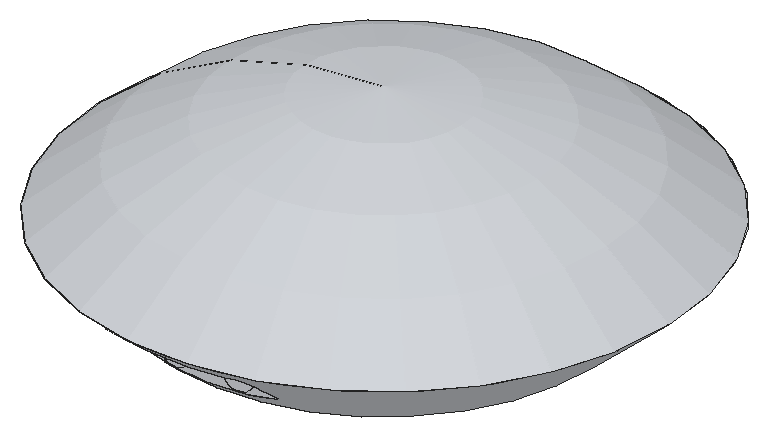
Revit family "0049255 Sylvania Lighting Fixture Start Surface IP66 2350lm 830 IK10 DALI BLK", category Lighting Fixtures, host Face, Revit 2016
Family settings
  Host = Face
  Part Type = Normal
  Round Connector Dimension = Use Diameter
  OmniClass Number = 23.80.70.00
  OmniClass Title = Lighting
  Cut with Voids When Loaded = No
  Light Source = Yes
  Shared = No
  Room Calculation Point = No
Parameters (values of type "Type Name")
  power entry width = 90 mm
  power entry height = 28 mm
  power connector height = 12.5 mm
  power connector centres = 39 mm
  height = 110 mm
  connector position 2 = 40 mm
  connector length = 2 mm
  base height = 40 mm
  backplate diameter = 256 mm
  Weight = ""
  Wattage Comments = ""
  Wattage = 9.2903 W
  WarrantyStartDate [instance] = "n/a"
  WarrantyGuarantorParts = "n/a"
  WarrantyDurationUnit = "n/a"
  WarrantyDurationParts = "n/a"
  WarrantyDescription = "n/a"
  built-in parameter 1150110 = 1 (stored number, unit not read)
  Voltage = 0 V
  URL = "http://www.feilosylvania.com"
  TypeName = ""
  Type Image = <None>
  Type Comments = "n/a"
  Tube Diameter = 80 mm
  built-in parameter 1114217 = 1 (stored number, unit not read)
  Tilt Angle = 90.00°
  built-in parameter 1150109 = 1 (stored number, unit not read)
  built-in parameter 1150134 = 3
  built-in parameter 1150113 = 1 (stored number, unit not read)
  SerialNumber [instance] = "n/a"
  Photometric Web File = "0049255.ies"
  Material_3_FEILO = none
  PowerFactor = 0
  PowerConsumption = ""
  NominalLength = 0 mm
  NominalHeight = 0 mm
  NominalDepth = 0 mm
  Name = ""
  ModelReference = Name  # ""
  ModelNumber = ""
  Model = Name  # ""
  Material = ""
  ManufacturerName = "Feilo Sylvania"
  Manufacturer = "Feilo Sylvania"
  LuminousEfficacy = ""
  built-in parameter 1150105 = 109.82 (stored number, unit not read)
  Lumens = 1380 lm
  LuminaireType = ""
  built-in parameter 1150115 = 1 (stored number, unit not read)
  LightOutputRatio = ""
  built-in parameter 1150137 = (empty or 0)
  built-in parameter 1150139 = (empty or 0)
  LampsType = Lamp  # ""
  LampNominalLuminous = ""
  LampMacAdamStep = ""
  LampColourTemperature = ""
  LampColourRenderingIndex = ""
  built-in parameter 1150112 = 1 (stored number, unit not read)
  built-in parameter 1150114 = 1 (stored number, unit not read)
  Lamp = ""
  Keynote = "16500"
  InstallationDate [instance] = "n/a"
  InputVoltage = ""
  InputNominalFrequency = ""
  built-in parameter 1150132 = (empty or 0)
  built-in parameter 1150102 = (empty or 0)
  built-in parameter 1150107 = 3200 (stored number, unit not read)
  built-in parameter 1150138 = (empty or 0)
  IngressProtection = ""
  ImpactProtectionIndex = ""
  built-in parameter 1150106 = 1.0982 (stored number, unit not read)
  IfcExportType = "IfcLightFixtureType"
  IfcExportAs = "IfcLightFixtureType"
  Height = 250 mm
  ExpectedLife = 50000
  Emit from Circle Diameter = 609.6 mm
  Emit Shape Visible in Rendering = no
  ElectricShockClassification = ""
  built-in parameter 1150104 = 13.8 (stored number, unit not read)
  DurationUnit = "hours"
  DocumentationLiterature = ""
  DimmingControlOptions = ""
  Material_2_FEILO = none
  Dimming Lamp Color Temperature Shift = <None>
  Diameter = 350 mm
  Description = ""
  Default Elevation = 1219.2 mm
  CreatedOn = ""
  CreatedBy = ""
  Cost = 0
  Color Filter = 16777215
  built-in parameter 1114216 [instance] = (empty or 0)
  ClassificationValue = "EF_70_80"
  ClassificationName = "Uniclass2015"
  Material_1_FEILO = none
  BarCode [instance] = "n/a"
  built-in parameter 1114218 = 1 (stored number, unit not read)
  built-in parameter 1150133 = 10 (stored number, unit not read)
  AssetType = ""
  AssetIdentifier [instance] = "n/a"
  Assembly Code = "D5020200"
  Apparent Load = 0 VA
  Material_4_FEILO = none
Reference planes
  plane 1 "Center (Front/Back)": y = 0
  plane 2: z = 0
  plane 3 "Center (Left/Right)": x = 0
  plane 4: z = 0
  plane 5: y = 128
  plane 6: y = -128
  plane 7: y = 175
  plane 8: y = -175
  plane 9: z = 40
  plane 10: z = 110
  plane 11: x = -45.686
  plane 12: x = 44.314
  plane 13: z = 5
  plane 14: z = 33
  plane 15: y = -135
  plane 16: x = 19.5
  plane 17: x = -19.5
  plane 18: z = 20.5
  plane 19: y = -137
  plane 20: y = 135
Forms (mm)
  Blend 1, solid, detail levels medium+fine
    base sketch origin (4.2, 0, 0) x (1, 0, 0) y (0, 1, 0)
      loop
        circle (-4.2, 0) r 128
    top sketch origin (4.2, 0, 0) x (1, 0, 0) y (0, 1, 0)
      loop
        circle (-4.2, 0) r 175
    from 0 to 40
  Revolve 2, solid, detail levels medium+fine
    sketch origin (0, 0, 0) x (1, 0, 0) y (0, 0, 1)
      loop
        arc (175, 40) -> (94.148, 91.621) -> (0, 110) r 257.018
        line (0, 110) -> (0, 40) -> (175, 40)
      axis (0, 110) -> (0, 40)
    angle from -180 to 179.914
  Extrusion 3, void
    sketch origin (0, 0, 0) x (1, 0, 0) y (0, 0, 1)
      loop
        line (-45.686, 25.025) -> (-45.686, 5) -> (44.314, 5) -> (44.314, 25.025)
        arc (44.314, 25.025) -> (42.644, 30.018) -> (38.304, 33) r 8.297
        line (38.304, 33) -> (-39.676, 33)
        arc (-39.676, 33) -> (-44.015, 30.018) -> (-45.686, 25.025) r 8.297
    from 135 to 166.869
  Extrusion 4, solid, detail levels fine
    sketch origin (1524, -324.9, 1219.2) x (1, 0, 0) y (0, 0, 1)
      loop
        circle (-1504.5, -1198.7) r 11
      loop
        circle (-1543.5, -1198.7) r 11
    from -189.9 to -187.9
  Extrusion 5, void
    sketch origin (-0.686, -5.131, 0) x (-1, 0, 0) y (0, 0, 1)
      loop
        line (-45.686, 25.025) -> (-45.686, 5) -> (44.314, 5) -> (44.314, 25.025)
        arc (44.314, 25.025) -> (42.644, 30.018) -> (38.304, 33) r 8.297
        line (38.304, 33) -> (-39.676, 33)
        arc (-39.676, 33) -> (-44.015, 30.018) -> (-45.686, 25.025) r 8.297
    from 140.131 to 175.131
  Extrusion 6, solid
    sketch origin (1524, -52.9, 1219.2) x (1, 0, 0) y (0, 0, 1)
      loop
        circle (-1504.5, -1198.7) r 11
      loop
        circle (-1543.5, -1198.7) r 11
    from -189.9 to -187.9
  Extrusion 7, solid, detail levels coarse
    sketch origin (0, 1219.2, 38) x (1, 0, 0) y (0, 1, 0)
      loop
        line (175.117, -1396.13) -> (175.117, -1044.2) -> (-175, -1044.2) -> (-175, -1396.13) -> (175.117, -1396.13)
    from -38 to 72
Cuts and joins
  Extrusion 3, Extrusion 5 cuts Blend 1
  Extrusion 5 cuts Extrusion 4
Dimensions and locks
  "backplate diameter": plane 5 to plane 6
  equal spacing: plane 5, plane 1 "Center (Front/Back)", plane 6
  "Diameter": plane 7 to plane 8
  equal spacing: plane 7, plane 1 "Center (Front/Back)", plane 8
  "base height": plane 9 to level
  "height": plane 10 to host face
  "power entry width": plane 12 to plane 11
  plane 12 to imposter light to plane 11 = 44.201 mm, 45.799 mm
  "power entry height": plane 14 to plane 13
  "power connector centres": plane 17 to plane 16
  equal spacing: plane 17, plane 3 "Center (Left/Right)", plane 16
  "power connector height": plane 18 to plane 14
  "connector length": plane 15 to plane 19
  "connector position 2": plane 7 to plane 20
  aligned and locked: plane 2 to host face
  aligned and locked: level to host face
  aligned and locked: plane 10 to Extrusion 7
Automatic sketch dimensions
  host sketch curve to host sketch curve = 2438.4 mm  (x2)
  plane 1 "Center (Front/Back)" to Blend 1 sketch curve = 0 mm  (x2)
  Blend 1 sketch curve to plane 3 "Center (Left/Right)" = 0 mm  (x2)
  Revolve 2 sketch curve to plane 3 "Center (Left/Right)" = 0 mm  (x2)
  Revolve 2 sketch curve to plane 9 = 0 mm
  Revolve 2 sketch curve to plane 10 = 0 mm
  Revolve 2 sketch curve to plane 3 "Center (Left/Right)" = 1.306 mm
  plane 3 "Center (Left/Right)" to Revolve 2 sketch curve = 175 mm
  Revolve 2 sketch curve to level = 47.821 mm
  Revolve 2 sketch curve to Revolve 2 sketch curve = 80 mm
  Extrusion 3 sketch curve to plane 11 = 0 mm
  Extrusion 3 sketch curve to plane 14 = 0 mm
  Extrusion 3 sketch curve to plane 12 = 0 mm
  Extrusion 3 sketch curve to plane 13 = 0 mm
  plane 11 to Extrusion 3 sketch curve = 6.01 mm
  plane 18 to Extrusion 3 sketch curve = 4.525 mm  (x2)
  Extrusion 3 sketch curve to Extrusion 3 sketch curve = 8.297 mm
  plane 17 to Extrusion 4 sketch curve = 0 mm
  plane 16 to Extrusion 4 sketch curve = 0 mm
  Extrusion 4 sketch curve to plane 18 = 0 mm  (x2)
  Extrusion 5 sketch curve to plane 13 = 0 mm
  Extrusion 5 sketch curve to plane 14 = 0 mm
  plane 12 to Extrusion 5 sketch curve = 0.686 mm
  Extrusion 5 sketch curve to plane 12 = 5.324 mm
  plane 18 to Extrusion 5 sketch curve = 4.525 mm
  plane 11 to Extrusion 5 sketch curve = 8.982 mm
  plane 11 to Extrusion 5 sketch curve = 6.696 mm
  plane 11 to Extrusion 5 sketch curve = 0.686 mm
  plane 17 to Extrusion 6 sketch curve = 0 mm
  plane 16 to Extrusion 6 sketch curve = 0 mm
  Extrusion 6 sketch curve to plane 18 = 0 mm  (x2)
  Extrusion 7 sketch curve to plane 8 = 1.93 mm
  Extrusion 7 sketch curve to plane 11 = 129.314 mm
  plane 12 to Extrusion 7 sketch curve = 130.802 mm
  plane 5 to Extrusion 7 sketch curve = 47 mm
  radius of Blend 1 sketch curve = 128 mm
  radius of Blend 1 sketch curve = 175 mm
  radius of Extrusion 4 sketch curve = 11 mm  (x2)
  radius of Extrusion 6 sketch curve = 11 mm  (x2)
Connectors
  electrical at (19.5, 137, 20.5)
    settings: on Extrusion 6, index 1, voltage 0 V, apparent load 0 VA, apparent load phase1 0 VA, apparent load phase2 0 VA, apparent load phase3 0 VA, power factor 1, load classification "Other", number of poles 1, system type 31, power factor state 1, is connector primary yes, connector utility no, sub classification motor no, connector description ""
